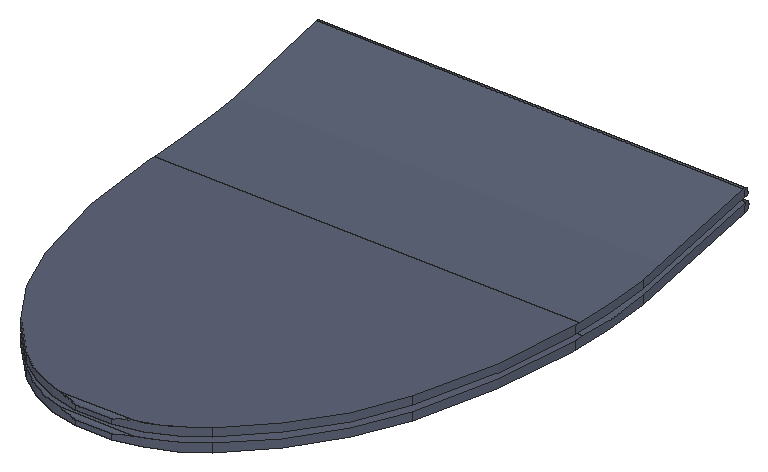
Revit family "Toilet_Seat-Elongated_Closed_Front-KOHLER-Veil-K-77471IN", category Specialty Equipment, host Face, Revit 2022
Family settings
  Host = Face
  Round Connector Dimension = Use Diameter
  Part Type = Normal
  OmniClass Number = 23.31.19.19.17
  Cut with Voids When Loaded = No
  Maintain Annotation Orientation = No
  Shared = No
  Room Calculation Point = No
Parameters (values of type "DGS-Indigo")
  Width = 14 175/256"  # constant formula
  WaterSense Certified = 1 = 0  # no
  URL = "https://www.kohler.co.in/"
  Type = 1
  Product Page URL = ""
  Product Name = "Veil"  # constant formula
  Product Documentation Link = ""
  Model = if(Type = 1, "K-77471IN-DGS", if(Type = 2, "K-77471IN-7", if(Type = 3, "K-77471IN-0", "NA")))  # "K-77471IN-DGS"
  Material = "Plastic"  # constant formula
  Master Format 2014 Name = "Toilet, Bath, and Laundry Accessories"  # constant formula
  Master Format 2014 = "10 28 00"  # constant formula
  Manufacturer Address = "Ambience Office Tower NH-8 Gurgaon / Gurugram Haryana , 122001"  # constant formula
  Manufacturer = "Kohler Co."  # constant formula
  Length = 19 1/4"  # constant formula
  Height = 2 25/256"  # constant formula
  Finish = Kohler-Plastic-DGS-Indigo
  Environmental Product Declaration = ""
  Description = if(Type > 2, "Wall Hung Quite Close UF Seat Indigo", "Wall Hung Quite Close UF Seat Black")  # "Wall Hung Quite Close UF Seat Black"
  Default Elevation = 15"
  Declare Label = ""
  Date Modified = "12/31/2023"  # constant formula
  Date Created = "03/30/2022"  # constant formula
  Copyright = "Copyright Kohler Co."  # constant formula
  Contact Us = "https://www.kohler.co.in/contact-us"
  Assembly Code = "C1030200"
  ADA Compliant = 1 = 0  # no
Types (4): name | Type | Model | Finish | Description
  (no name) | 1 | "K-77471IN-DGS" | Kohler-Plastic-DGS-Indigo | "Wall Hung Quite Close UF Seat Black"
  DGS-Indigo | 1 | "K-77471IN-DGS" | Kohler-Plastic-DGS-Indigo | "Wall Hung Quite Close UF Seat Black"
  7-Black Black | 2 | "K-77471IN-7" | Kohler-Plastic-7-Black_Black | "Wall Hung Quite Close UF Seat Black"
  0-White | 3 | "K-77471IN-0" | Kohler-Plastic-0-White | "Wall Hung Quite Close UF Seat Indigo"
Reference planes (in)
  plane 1 "Center (Front/Back)": y = 0
  plane 2: z = 0
  plane 3 "Center (Left/Right)": x = 0
  plane 4: y = 9.69563
  plane 5: y = 9.55315
  plane 6: y = 9.14764
  plane 7: x = -7.34252
  plane 8: x = 7.34107
  plane 9: y = -9.55437
  plane 10: x = -2.75591
  plane 11: x = 2.75591
  plane 12: z = 2.09766
  plane 13: z = 1.01641
  plane 14: z = -0.13199
  plane 15: z = -0.23047
  plane 16: z = 0.50543
Forms (in)
  Extrusion 1, void
    sketch origin (0, 0, 0) x (1, 0, 0) y (0, 1, 0)
      loop
        arc (3.86833, 3.37837) -> (2.85521, 4.3743) -> (1.58772, 5.01598) r 4.62785
        arc (1.58772, 5.01598) -> (0, 5.26776) -> (-1.58772, 5.01598) r 5.13194
        arc (-1.58772, 5.01598) -> (-2.85521, 4.3743) -> (-3.86833, 3.37837) r 4.62785
        arc (-3.86833, 3.37837) -> (-4.34125, 2.5901) -> (-4.64903, 1.7239) r 4.62785
        arc (-4.64903, 1.7239) -> (-4.84698, -0.69697) -> (-4.27172, -3.05682) r 7.60671
        arc (-4.27172, -3.05682) -> (-3.31185, -4.91737) -> (-2.07846, -6.60905) r 13.63538
        arc (-2.07846, -6.60905) -> (0, -7.56727) -> (2.07846, -6.60905) r 2.73329
        arc (2.07846, -6.60905) -> (3.31185, -4.91737) -> (4.27172, -3.05682) r 13.63538
        arc (4.27172, -3.05682) -> (4.84698, -0.69697) -> (4.64903, 1.7239) r 7.60671
        arc (4.64903, 1.7239) -> (4.34125, 2.5901) -> (3.86833, 3.37837) r 4.62785
    from 0.54255 to -0.31222
Dimensions and locks (in)
  "Width": plane 7 to plane 8
  "Length": plane 9 to plane 4
  "Height": plane 12 to level
  plane 15 to plane 16 = 0.7359"
  plane 15 to plane 12 = 2 21/64"
  aligned and locked: plane 2 to host face
  aligned and locked: level to host face
Automatic sketch dimensions
  host sketch curve to host sketch curve = 96"  (x2)
  Extrusion 1 sketch curve to Extrusion 1 sketch curve = 0"  (x11)
  Extrusion 1 sketch curve to plane 10 = 0.01975"
  plane 3 "Center (Left/Right)" to Extrusion 1 sketch curve = 0.15595"
  plane 1 "Center (Front/Back)" to Extrusion 1 sketch curve = 0.09849"
  Extrusion 1 sketch curve to plane 1 "Center (Front/Back)" = 0.61518"
  Extrusion 1 sketch curve to plane 11 = 1.16819"
  plane 11 to Extrusion 1 sketch curve = 1.11243"
  plane 11 to Extrusion 1 sketch curve = 1.51582"
  Extrusion 1 sketch curve to plane 1 "Center (Front/Back)" = 1.7239"
  plane 7 to Extrusion 1 sketch curve = 0.9477"
  Extrusion 1 sketch curve to plane 11 = 0.67745"
  Extrusion 1 sketch curve to plane 3 "Center (Left/Right)" = 0"
  Extrusion 1 sketch curve to plane 10 = 0.67745"
  plane 8 to Extrusion 1 sketch curve = 0.94914"
  plane 10 to Extrusion 1 sketch curve = 1.51582"
  Extrusion 1 sketch curve to plane 11 = 0.01975"
  plane 10 to Extrusion 1 sketch curve = 1.89313"
  Extrusion 1 sketch curve to plane 3 "Center (Left/Right)" = 0.15595"
  plane 10 to Extrusion 1 sketch curve = 1.11243"
  Extrusion 1 sketch curve to plane 10 = 1.16819"
Nested families (in)
  nested 1: "K-77471IN" at (0, 0.07124, -0.23033), type "K-77471IN"
Definition of nested family "K-77471IN"
  Parameters
    Material = none
    Default Elevation = 0"
  Reference planes (in)
    plane 1 "Center (Front/Back)": y = 0
    plane 2: z = 0
    plane 3 "Center (Left/Right)": x = 0
    plane 4: y = 9.62439
    plane 5: y = -9.62439
    plane 6: y = 9.0764
    plane 7: x = -7.34252
    plane 8: x = 7.34252
    plane 9: z = 0.23033
    plane 10: z = 2.32669
    plane 11: z = 1.24674
    plane 12: z = 0.7359
    plane 13: z = 0.09835
    plane 14: x = -2.75591
    plane 15: x = 2.75591
    plane 16: y = 9.48191
    plane 17: y = -0.07124
    plane 18: z = 0
  Forms (in)
    Extrusion 1, void
      sketch origin (0, 0, 0) x (1, 0, 0) y (0, 1, 0)
        loop
          arc (7.34252, 9.2055) -> (7.21983, 9.5017) -> (6.92363, 9.62439) r 0.41889
          line (6.92363, 9.62439) -> (-6.90945, 9.62439)
          arc (-6.90945, 9.62439) -> (-7.21568, 9.49755) -> (-7.34252, 9.19132) r 0.43307
          line (-7.34252, 9.19132) -> (-7.34252, 4.83106)
          arc (-7.34252, 4.83106) -> (-7.32981, 3.40901) -> (-7.29169, 1.98742) r 79.56116
          arc (-7.29169, 1.98742) -> (-6.98902, -0.92569) -> (-6.29546, -3.77117) r 21.6226
          arc (-6.29546, -3.77117) -> (-5.07616, -6.33322) -> (-3.20768, -8.46854) r 10.36305
          arc (-3.20768, -8.46854) -> (0, -9.66607) -> (3.20768, -8.46854) r 4.89477
          arc (3.20768, -8.46854) -> (5.07616, -6.33322) -> (6.29546, -3.77117) r 10.36305
          arc (6.29546, -3.77117) -> (6.98902, -0.92569) -> (7.29169, 1.98742) r 21.6226
          arc (7.29169, 1.98742) -> (7.32981, 3.40901) -> (7.34252, 4.83106) r 79.56116
          line (7.34252, 4.83106) -> (7.34252, 9.2055)
        loop
          line (-9.20279, -10.78723) -> (9.498, -10.78723) -> (9.498, 10.47261) -> (-9.20279, 10.47261) -> (-9.20279, -10.78723)
      from 0 to 2.4228
    Extrusion 2, solid, material <- "Material", detail levels medium+fine
      sketch origin (0, 0, 0) x (0, 1, 0) y (0, 0, 1)
        loop
          line (9.34837, 2.08351) -> (9.30082, 2.24508)
          arc (9.30082, 2.24508) -> (9.24319, 2.31579) -> (9.15234, 2.32414) r 0.11779
          arc (9.15234, 2.32414) -> (5.69955, 1.51767) -> (2.16418, 1.24674) r 23.20169
          line (2.16418, 1.24674) -> (-9.50256, 1.24674)
          arc (-9.50256, 1.24674) -> (-9.58871, 1.21106) -> (-9.62439, 1.12491) r 0.12183
          line (-9.62439, 1.12491) -> (-9.62439, 0.97131) -> (1.87591, 0.97131)
          arc (1.87591, 0.97131) -> (5.6533, 1.25088) -> (9.34837, 2.08351) r 25.65836
      from -7.84507 to 8.59842
    Extrusion 3, solid, material <- "Material", detail levels medium+fine
      sketch origin (0, 0, 0) x (0, 1, 0) y (0, 0, 1)
        loop
          line (9.47846, 1.64174) -> (9.44035, 1.77122)
          arc (9.44035, 1.77122) -> (9.38272, 1.84193) -> (9.29187, 1.85028) r 0.11779
          arc (9.29187, 1.85028) -> (5.83908, 1.04381) -> (2.30371, 0.77288) r 23.20169
          line (2.30371, 0.77288) -> (-9.50256, 0.77288)
          arc (-9.50256, 0.77288) -> (-9.58871, 0.7372) -> (-9.62439, 0.65105) r 0.12183
          line (-9.62439, 0.65105) -> (-9.62439, 0.48955) -> (1.87591, 0.48955)
          arc (1.87591, 0.48955) -> (5.72059, 0.77923) -> (9.47846, 1.64174) r 25.65836
      from -8.01721 to 8.55963
    Extrusion 4, solid, material <- "Material", detail levels medium+fine
      sketch origin (0, 0, 0) x (0, 1, 0) y (0, 0, 1)
        loop
          line (9.56799, 1.33755) -> (9.34436, 2.09739) -> (8.25917, 1.778)
          arc (8.25917, 1.778) -> (8.45134, 1.74083) -> (8.54429, 1.56858) r 0.22857
          line (8.54429, 1.56858) -> (8.56845, 1.1077)
          arc (8.56845, 1.1077) -> (9.19024, 0.69184) -> (9.56799, 1.33755) r 0.51372
      from 3.75816 to 4.31832
    Extrusion 5, solid, material <- "Material", detail levels medium+fine
      sketch origin (11.16142, 0, 0) x (0, 1, 0) y (0, 0, 1)
        loop
          line (9.56799, 1.33755) -> (9.45245, 1.73009) -> (8.54975, 1.46441) -> (8.56845, 1.1077)
          arc (8.56845, 1.1077) -> (9.19024, 0.69184) -> (9.56799, 1.33755) r 0.51372
      from -6.79445 to -6.35745
    Extrusion 6, solid, material <- "Material", detail levels medium+fine
      sketch origin (0, 0, 0) x (0, 1, 0) y (0, 0, -1)
        loop
          arc (9.56799, -1.33755) -> (9.19024, -0.69184) -> (8.56845, -1.1077) r 0.51372
          line (8.56845, -1.1077) -> (8.54429, -1.56858)
          arc (8.54429, -1.56858) -> (8.45134, -1.74083) -> (8.25917, -1.778) r 0.22857
          line (8.25917, -1.778) -> (9.34436, -2.09739) -> (9.56799, -1.33755)
      from 3.75816 to 4.31832
    Extrusion 7, solid, material <- "Material", detail levels medium+fine
      sketch origin (-11.16142, 0, 0) x (0, 1, 0) y (0, 0, -1)
        loop
          arc (9.56799, -1.33755) -> (9.19024, -0.69184) -> (8.56845, -1.1077) r 0.51372
          line (8.56845, -1.1077) -> (8.54975, -1.46441) -> (9.45245, -1.73009) -> (9.56799, -1.33755)
      from -6.79445 to -6.35745
    Extrusion 8, solid, material <- "Material", detail levels medium+fine
      sketch origin (0, 0, 0) x (0, 1, 0) y (0, 0, 1)
        loop
          line (9.62439, 0.23033) -> (9.60901, 0.52389)
          arc (9.60901, 0.52389) -> (9.602, 0.53909) -> (9.58533, 0.54532) r 0.02258
          arc (9.58533, 0.54532) -> (9.6007, 0.5525) -> (9.60664, 0.56838) r 0.02243
          line (9.60664, 0.56838) -> (9.58722, 1.23318)
          arc (9.58722, 1.23318) -> (9.06116, 1.70602) -> (8.56156, 1.20531) r 0.51372
          line (8.56156, 1.20531) -> (8.54563, 0.56695)
          arc (8.54563, 0.56695) -> (8.55163, 0.55167) -> (8.56703, 0.54529) r 0.02113
          arc (8.56703, 0.54529) -> (8.55094, 0.5387) -> (8.54372, 0.52289) r 0.02364
          line (8.54372, 0.52289) -> (8.54077, 0.46655)
          arc (8.54077, 0.46655) -> (8.52317, 0.37777) -> (8.48119, 0.29758) r 0.31689
          arc (8.48119, 0.29758) -> (8.47187, 0.28196) -> (8.46541, 0.26496) r 0.10406
          line (8.46541, 0.26496) -> (8.46541, 0.23033) -> (9.62439, 0.23033)
      from -3.74016 to 3.74016
    Extrusion 9, solid, material <- "Material", detail levels medium+fine
      sketch origin (0, 0, 0) x (0, 1, 0) y (0, 0, 1)
        loop
          circle (9.07512, 1.19249) r 0.3937
      from -4.55018 to 4.60655
    Extrusion 10, void
      sketch origin (0, 0, 0) x (1, 0, 0) y (0, 1, 0)
        loop
          line (4.36696, 10.22767) -> (-4.36696, 10.22767) -> (-4.36696, 8.25917) -> (4.36696, 8.25917) -> (4.36696, 10.22767)
      from 0.97131 to 1.88271
    Extrusion 11, solid, material <- "Material", detail levels medium+fine
      sketch origin (0, 0, 0) x (1, 0, 0) y (0, 1, 0)
        loop
          arc (-4.71835, -4.29091) -> (-5.03577, -4.30047) -> (-5.18352, -4.58158) r 0.31496
          arc (-5.18352, -4.58158) -> (-4.97792, -5.19639) -> (-4.4786, -5.60983) r 1.18013
          arc (-4.4786, -5.60983) -> (-4.22893, -5.59168) -> (-4.10317, -5.37524) r 0.268
          arc (-4.10317, -5.37524) -> (-4.25589, -4.74521) -> (-4.71835, -4.29091) r 1.18013
        loop
          arc (-6.60438, 3.38842) -> (-6.78308, 2.75694) -> (-6.60438, 2.12546) r 1.20507
          arc (-6.60438, 2.12546) -> (-6.30259, 1.9568) -> (-6.00081, 2.12546) r 0.35433
          arc (-6.00081, 2.12546) -> (-5.8221, 2.75694) -> (-6.00081, 3.38842) r 1.20507
          arc (-6.00081, 3.38842) -> (-6.30259, 3.55708) -> (-6.60438, 3.38842) r 0.35433
        loop
          arc (4.71835, -4.29091) -> (4.25589, -4.74521) -> (4.10317, -5.37524) r 1.18013
          arc (4.10317, -5.37524) -> (4.22893, -5.59168) -> (4.4786, -5.60983) r 0.268
          arc (4.4786, -5.60983) -> (4.97792, -5.19639) -> (5.18352, -4.58158) r 1.18013
          arc (5.18352, -4.58158) -> (5.03577, -4.30047) -> (4.71835, -4.29091) r 0.31496
        loop
          arc (6.60438, 3.38842) -> (6.30259, 3.55708) -> (6.00081, 3.38842) r 0.35433
          arc (6.00081, 3.38842) -> (5.8221, 2.75694) -> (6.00081, 2.12546) r 1.20507
          arc (6.00081, 2.12546) -> (6.30259, 1.9568) -> (6.60438, 2.12546) r 0.35433
          arc (6.60438, 2.12546) -> (6.78308, 2.75694) -> (6.60438, 3.38842) r 1.20507
      from 0.23033 to 1.06574
    Extrusion 12, void
      sketch origin (0, 0, 0) x (1, 0, 0) y (0, 1, 0)
        loop
          arc (-3.46724, 3.00859) -> (-3.88906, 2.30548) -> (-4.16359, 1.53287) r 4.12785
          arc (-4.16359, 1.53287) -> (-4.34853, -0.72887) -> (-3.81109, -2.9336) r 7.10671
          arc (-3.81109, -2.9336) -> (-2.88641, -4.72593) -> (-1.69824, -6.35558) r 13.13538
          arc (-1.69824, -6.35558) -> (0, -7.13851) -> (1.69824, -6.35558) r 2.23329
          arc (1.69824, -6.35558) -> (2.88641, -4.72593) -> (3.81109, -2.9336) r 13.13538
          arc (3.81109, -2.9336) -> (4.34853, -0.72887) -> (4.16359, 1.53287) r 7.10671
          arc (4.16359, 1.53287) -> (3.88906, 2.30548) -> (3.46724, 3.00859) r 4.12785
          arc (3.46724, 3.00859) -> (2.56358, 3.89692) -> (1.43303, 4.46927) r 4.12785
          arc (1.43303, 4.46927) -> (0, 4.69652) -> (-1.43303, 4.46927) r 4.63194
          arc (-1.43303, 4.46927) -> (-2.56358, 3.89692) -> (-3.46724, 3.00859) r 4.12785
      from -0.78466 to 0.9766
    Extrusion 13, solid, material <- "Material", detail levels coarse
      sketch origin (0, 0, 0) x (1, 0, 0) y (0, 1, 0)
        loop
          line (-7.34252, 9.62439) -> (-7.34252, -2.39373)
          arc (-7.34252, -2.39373) -> (0, -9.73625) -> (7.34252, -2.39373) r 7.34252
          line (7.34252, -2.39373) -> (7.34252, 9.62439) -> (-7.34252, 9.62439)
      from 0.05692 to 2.54339
    Extrusion 14, void
      sketch origin (0, 0, 0) x (0, 1, 0) y (0, 0, 1)
        loop
          line (1.87591, 0.97131) -> (-10.01809, 0.97131) -> (-10.01809, 0.77288) -> (2.30371, 0.77288)
          arc (2.30371, 0.77288) -> (5.3067, 0.96804) -> (8.25917, 1.55023) r 23.20169
          line (8.25917, 1.55023) -> (8.25917, 1.778)
          arc (8.25917, 1.778) -> (5.09292, 1.17378) -> (1.87591, 0.97131) r 25.65836
        loop
          line (8.56533, 1.3564) -> (6.30468, 0.6529)
          arc (6.30468, 0.6529) -> (5.74466, 0.52398) -> (5.17162, 0.48068) r 3.81324
          line (5.17162, 0.48068) -> (-10.21494, 0.48068) -> (-10.21494, -0.16337) -> (9.83397, -0.16337) -> (9.83397, 0.23033) -> (8.53723, 0.23033) -> (8.56533, 1.3564)
        loop
          line (-10.01809, 3.21524) -> (-10.01809, 1.24674) -> (2.16418, 1.24674)
          arc (2.16418, 1.24674) -> (6.15041, 1.59174) -> (10.01809, 2.61647) r 23.20169
          line (10.01809, 2.61647) -> (10.01809, 3.21524) -> (-10.01809, 3.21524)
      from -8.12795 to 8.35902
    Sweep 15, solid, material <- "Material", detail levels medium+fine
      path origin (0, 0, 0) x (1, 0, 0) y (0, 1, 0)
        loop
          arc (-1.818, -6.45785) -> (0, -7.29599) -> (1.818, -6.45785) r 2.39077
          arc (1.818, -6.45785) -> (3.0204, -4.80867) -> (3.95617, -2.99485) r 13.29286
          arc (3.95617, -2.99485) -> (4.50552, -0.74126) -> (4.31649, 1.5706) r 7.26419
          arc (4.31649, 1.5706) -> (4.03149, 2.37269) -> (3.59357, 3.10262) r 4.28533
          arc (3.59357, 3.10262) -> (2.65543, 4.02484) -> (1.48175, 4.61902) r 4.28533
          arc (1.48175, 4.61902) -> (0, 4.854) -> (-1.48175, 4.61902) r 4.78942
          arc (-1.48175, 4.61902) -> (-2.65543, 4.02484) -> (-3.59357, 3.10262) r 4.28533
          arc (-3.59357, 3.10262) -> (-4.03149, 2.37269) -> (-4.31649, 1.5706) r 4.28533
          arc (-4.31649, 1.5706) -> (-4.50552, -0.74126) -> (-3.95617, -2.99485) r 7.26419
          arc (-3.95617, -2.99485) -> (-3.0204, -4.80867) -> (-1.818, -6.45785) r 13.29286
      profile origin (0, -7.29599, 0) x (0, 1, 0) y (0, 0, 1)
        loop
          line (0.15289, 0) -> (0.15289, 0.92179) -> (-1.39128, 0.92179)
          arc (-1.39128, 0.92179) -> (-0.62892, 0.61979) -> (-0.03629, 0.05306) r 2.13831
          arc (-0.03629, 0.05306) -> (0.00846, 0.01405) -> (0.06614, 0) r 0.12539
          line (0.06614, 0) -> (0.15289, 0)
    Extrusion 16, void
      sketch origin (0, 0, 0) x (0, 1, 0) y (0, 0, 1)
        loop
          arc (1.87591, 0.56829) -> (4.35434, 0.68865) -> (6.80945, 1.04857) r 25.57962
          line (6.80945, 1.04857) -> (-8.75825, 1.04857) -> (-8.75825, 0.56829) -> (1.87591, 0.56829)
      from -9.39127 to 9.84252
    Extrusion 17, solid, material <- "Material", detail levels coarse
      sketch origin (0, 0, 0) x (1, 0, 0) y (0, 1, 0)
        loop
          arc (-1.69824, -6.35558) -> (0, -7.13851) -> (1.69824, -6.35558) r 2.23329
          arc (1.69824, -6.35558) -> (2.88641, -4.72593) -> (3.81109, -2.9336) r 13.13538
          arc (3.81109, -2.9336) -> (4.34853, -0.72887) -> (4.16359, 1.53287) r 7.10671
          arc (4.16359, 1.53287) -> (3.88906, 2.30548) -> (3.46724, 3.00859) r 4.12785
          arc (3.46724, 3.00859) -> (2.56358, 3.89692) -> (1.43303, 4.46927) r 4.12785
          arc (1.43303, 4.46927) -> (0, 4.69652) -> (-1.43303, 4.46927) r 4.63194
          arc (-1.43303, 4.46927) -> (-2.56358, 3.89692) -> (-3.46724, 3.00859) r 4.12785
          arc (-3.46724, 3.00859) -> (-3.88906, 2.30548) -> (-4.16359, 1.53287) r 4.12785
          arc (-4.16359, 1.53287) -> (-4.34853, -0.72887) -> (-3.81109, -2.9336) r 7.10671
          arc (-3.81109, -2.9336) -> (-2.88641, -4.72593) -> (-1.69824, -6.35558) r 13.13538
        loop
          arc (-3.62973, -2.85705) -> (-2.71891, -4.62251) -> (-1.54855, -6.22774) r 12.93853
          arc (-1.54855, -6.22774) -> (0, -6.94166) -> (1.54855, -6.22774) r 2.03643
          arc (1.54855, -6.22774) -> (2.71891, -4.62251) -> (3.62973, -2.85705) r 12.93853
          arc (3.62973, -2.85705) -> (4.15229, -0.71338) -> (3.97247, 1.48571) r 6.90986
          arc (3.97247, 1.48571) -> (3.71104, 2.22148) -> (3.30933, 2.89105) r 3.931
          arc (3.30933, 2.89105) -> (2.44877, 3.73702) -> (1.37213, 4.28207) r 3.931
          arc (1.37213, 4.28207) -> (0, 4.49967) -> (-1.37213, 4.28207) r 4.43509
          arc (-1.37213, 4.28207) -> (-2.44877, 3.73702) -> (-3.30933, 2.89105) r 3.931
          arc (-3.30933, 2.89105) -> (-3.71104, 2.22148) -> (-3.97247, 1.48571) r 3.931
          arc (-3.97247, 1.48571) -> (-4.15229, -0.71338) -> (-3.62973, -2.85705) r 6.90986
      from 0 to 0.48955
  Cuts and joins
    Extrusion 1 cuts Extrusion 2
    Extrusion 1, Extrusion 10, Extrusion 12 cuts Extrusion 3
    joined: Extrusion 2, Extrusion 3, Extrusion 4, Extrusion 5, Extrusion 6, Extrusion 7, Extrusion 8, Extrusion 9
    Extrusion 14 cuts Extrusion 13
    Extrusion 16 cuts Sweep 15
  Lines and regions (in)
    Masking region 1
      outline origin (0, 0, 0) x (1, 0, 0) y (0, 1, 0)
        loop
          arc (-6.29546, -3.77117) -> (-5.07616, -6.33322) -> (-3.20768, -8.46854) r 10.36305
          arc (-3.20768, -8.46854) -> (-1.70479, -9.32661) -> (0, -9.62439) r 5.02885
          arc (0, -9.62439) -> (1.70479, -9.32661) -> (3.20768, -8.46854) r 5.02885
          arc (3.20768, -8.46854) -> (5.07616, -6.33322) -> (6.29546, -3.77117) r 10.36305
          arc (6.29546, -3.77117) -> (6.98902, -0.92569) -> (7.29169, 1.98742) r 21.6226
          arc (7.29169, 1.98742) -> (7.32981, 3.40901) -> (7.34252, 4.83106) r 79.56116
          line (7.34252, 4.83106) -> (7.34252, 9.2055)
          arc (7.34252, 9.2055) -> (7.31562, 9.35319) -> (7.23838, 9.48191) r 0.41889
          line (7.23838, 9.48191) -> (4.80396, 9.48191) -> (4.80396, 9.58883) -> (4.36696, 9.58883) -> (4.36696, 9.47846) -> (4.31832, 9.47846) -> (4.31832, 9.58883) -> (3.75816, 9.58883) -> (3.75816, 9.47846) -> (3.74016, 9.50964) -> (3.74016, 9.62439) -> (0, 9.62439) -> (-3.74016, 9.62439) -> (-3.74016, 9.50964) -> (-3.75816, 9.47846) -> (-3.75816, 9.58883) -> (-4.31832, 9.58883) -> (-4.31832, 9.47846) -> (-4.36696, 9.47846) -> (-4.36696, 9.58883) -> (-4.80396, 9.58883) -> (-4.80396, 9.48191) -> (-7.23838, 9.48191)
          arc (-7.23838, 9.48191) -> (-7.31562, 9.35319) -> (-7.34252, 9.2055) r 0.41889
          line (-7.34252, 9.2055) -> (-7.34252, 4.83106)
          arc (-7.34252, 4.83106) -> (-7.32981, 3.40901) -> (-7.29169, 1.98742) r 79.56116
          arc (-7.29169, 1.98742) -> (-6.98902, -0.92569) -> (-6.29546, -3.77117) r 21.6226
    Masking region 2
      outline origin (0, 0, 0) x (1, 0, 0) y (0, 0, 1)
        loop
          line (0, 0) -> (4.39112, 0)
          arc (4.39112, 0) -> (4.46502, 0.00973) -> (4.53389, 0.03826) r 0.28556
          line (4.53389, 0.03826) -> (4.86658, 0.23033) -> (4.97903, 0.23033)
          arc (4.97903, 0.23033) -> (5.01045, 0.24321) -> (5.0238, 0.27442) r 0.04477
          arc (5.0238, 0.27442) -> (5.02947, 0.29139) -> (5.04387, 0.30198) r 0.02958
          arc (5.04387, 0.30198) -> (5.12038, 0.3256) -> (5.19808, 0.34498) r 1.45734
          arc (5.19808, 0.34498) -> (5.5578, 0.40772) -> (5.92166, 0.43836) r 4.11951
          arc (5.92166, 0.43836) -> (5.96092, 0.42496) -> (5.99647, 0.40358) r 0.19538
          arc (5.99647, 0.40358) -> (6.00968, 0.39483) -> (6.02389, 0.38781) r 0.12568
          line (6.02389, 0.38781) -> (6.02389, 0.32516)
          arc (6.02389, 0.32516) -> (6.03436, 0.29987) -> (6.05965, 0.28939) r 0.03577
          line (6.05965, 0.28939) -> (6.55806, 0.28939)
          arc (6.55806, 0.28939) -> (6.58336, 0.29987) -> (6.59383, 0.32516) r 0.03577
          line (6.59383, 0.32516) -> (6.59383, 0.38781)
          arc (6.59383, 0.38781) -> (6.61108, 0.40153) -> (6.62525, 0.4184) r 0.10999
          arc (6.62525, 0.4184) -> (6.66388, 0.45911) -> (6.7134, 0.48551) r 0.17505
          line (6.7134, 0.48551) -> (7.2821, 0.48551)
          arc (7.2821, 0.48551) -> (7.30672, 0.4942) -> (7.32044, 0.51641) r 0.03923
          arc (7.32044, 0.51641) -> (7.33698, 0.61861) -> (7.34252, 0.722) r 0.9681
          line (7.34252, 0.722) -> (7.34252, 2.10566)
          arc (7.34252, 2.10566) -> (7.31305, 2.2025) -> (7.23462, 2.2665) r 0.17384
          arc (7.23462, 2.2665) -> (7.08481, 2.3115) -> (6.92912, 2.32669) r 0.8054
          line (6.92912, 2.32669) -> (0, 2.32669) -> (-6.92912, 2.32669)
          arc (-6.92912, 2.32669) -> (-7.08481, 2.3115) -> (-7.23462, 2.2665) r 0.8054
          arc (-7.23462, 2.2665) -> (-7.31305, 2.2025) -> (-7.34252, 2.10566) r 0.17384
          line (-7.34252, 2.10566) -> (-7.34252, 0.722)
          arc (-7.34252, 0.722) -> (-7.33698, 0.61861) -> (-7.32044, 0.51641) r 0.9681
          arc (-7.32044, 0.51641) -> (-7.30672, 0.4942) -> (-7.2821, 0.48551) r 0.03923
          line (-7.2821, 0.48551) -> (-6.7134, 0.48551)
          arc (-6.7134, 0.48551) -> (-6.66388, 0.45911) -> (-6.62525, 0.4184) r 0.17505
          arc (-6.62525, 0.4184) -> (-6.61108, 0.40153) -> (-6.59383, 0.38781) r 0.10999
          line (-6.59383, 0.38781) -> (-6.59383, 0.32516)
          arc (-6.59383, 0.32516) -> (-6.58336, 0.29987) -> (-6.55806, 0.28939) r 0.03577
          line (-6.55806, 0.28939) -> (-6.05965, 0.28939)
          arc (-6.05965, 0.28939) -> (-6.03436, 0.29987) -> (-6.02389, 0.32516) r 0.03577
          line (-6.02389, 0.32516) -> (-6.02389, 0.38781)
          arc (-6.02389, 0.38781) -> (-6.00968, 0.39483) -> (-5.99647, 0.40358) r 0.12568
          arc (-5.99647, 0.40358) -> (-5.96092, 0.42496) -> (-5.92166, 0.43836) r 0.19538
          arc (-5.92166, 0.43836) -> (-5.5578, 0.40772) -> (-5.19808, 0.34498) r 4.11951
          arc (-5.19808, 0.34498) -> (-5.12038, 0.3256) -> (-5.04387, 0.30198) r 1.45734
          arc (-5.04387, 0.30198) -> (-5.02947, 0.29139) -> (-5.0238, 0.27442) r 0.02958
          arc (-5.0238, 0.27442) -> (-5.01045, 0.24321) -> (-4.97903, 0.23033) r 0.04477
          line (-4.97903, 0.23033) -> (-4.86658, 0.23033) -> (-4.53389, 0.03826)
          arc (-4.53389, 0.03826) -> (-4.46502, 0.00973) -> (-4.39112, 0) r 0.28556
          line (-4.39112, 0) -> (0, 0)
    Masking region 3
      outline origin (0, 0, 0) x (0, 1, 0) y (0, 0, 1)
        loop
          arc (9.5873, 0.54548) -> (9.60553, 0.55514) -> (9.61237, 0.57461) r 0.02832
          line (9.61237, 0.57461) -> (9.59105, 1.18502)
          arc (9.59105, 1.18502) -> (9.58294, 1.26789) -> (9.56453, 1.34909) r 0.66467
          line (9.56453, 1.34909) -> (9.30217, 2.24262)
          arc (9.30217, 2.24262) -> (9.24557, 2.31284) -> (9.1559, 2.32246) r 0.11782
          line (9.1559, 2.32246) -> (8.8166, 2.22273)
          arc (8.8166, 2.22273) -> (5.63685, 1.49213) -> (2.38348, 1.24674) r 21.68949
          line (2.38348, 1.24674) -> (-9.50766, 1.24674)
          arc (-9.50766, 1.24674) -> (-9.5902, 1.21255) -> (-9.62439, 1.13001) r 0.11673
          line (-9.62439, 1.13001) -> (-9.62439, 0.9739) -> (-5.74425, 0.9739)
          arc (-5.74425, 0.9739) -> (-5.62987, 0.9426) -> (-5.54265, 0.86225) r 0.25085
          arc (-5.54265, 0.86225) -> (-5.52683, 0.83944) -> (-5.51018, 0.81724) r 0.74949
          line (-5.51018, 0.81724) -> (-5.51018, 0.7359) -> (-9.49335, 0.7359)
          arc (-9.49335, 0.7359) -> (-9.58601, 0.69752) -> (-9.62439, 0.60486) r 0.13104
          line (-9.62439, 0.60486) -> (-9.62439, 0.48068) -> (-8.68638, 0.48068)
          arc (-8.68638, 0.48068) -> (-7.96122, 0.36676) -> (-7.30592, 0.03597) r 2.36499
          arc (-7.30592, 0.03597) -> (-7.25222, 0.00899) -> (-7.1928, 0) r 0.19135
          line (-7.1928, 0) -> (3.83051, 0.08212)
          arc (3.83051, 0.08212) -> (4.31666, 0.09429) -> (4.80294, 0.09835) r 29.14325
          arc (4.80294, 0.09835) -> (4.9242, 0.11749) -> (5.03368, 0.17305) r 0.3937
          arc (5.03368, 0.17305) -> (5.16633, 0.25617) -> (5.30882, 0.32101) r 1.17968
          arc (5.30882, 0.32101) -> (5.64429, 0.44189) -> (5.98318, 0.55285) r 12.10829
          line (5.98318, 0.55285) -> (8.48163, 1.33035)
          arc (8.48163, 1.33035) -> (8.54315, 1.31946) -> (8.56988, 1.26299) r 0.06806
          line (8.56988, 1.26299) -> (8.54552, 0.56555)
          arc (8.54552, 0.56555) -> (8.551, 0.55127) -> (8.56678, 0.5452) r 0.01957
          arc (8.56678, 0.5452) -> (8.55073, 0.53755) -> (8.54363, 0.52124) r 0.02538
          line (8.54363, 0.52124) -> (8.54077, 0.46655)
          arc (8.54077, 0.46655) -> (8.52363, 0.37552) -> (8.47869, 0.29452) r 0.29026
          arc (8.47869, 0.29452) -> (8.46887, 0.28066) -> (8.46541, 0.26403) r 0.04164
          line (8.46541, 0.26403) -> (8.46541, 0.23033) -> (9.62439, 0.23033) -> (9.61421, 0.52202)
          arc (9.61421, 0.52202) -> (9.60685, 0.53852) -> (9.5901, 0.54529) r 0.02412
        loop
          arc (3.36089, 0.75793) -> (5.9705, 1.03457) -> (8.52759, 1.62434) r 21.68949
          arc (8.52759, 1.62434) -> (8.41788, 1.77312) -> (8.23452, 1.79665) r 0.23518
          arc (8.23452, 1.79665) -> (5.90558, 1.27277) -> (3.53318, 1.008) r 21.68949
          arc (3.53318, 1.008) -> (3.46162, 0.97066) -> (3.40906, 0.9094) r 0.21336
          arc (3.40906, 0.9094) -> (3.39585, 0.89691) -> (3.37792, 0.89386) r 0.03131
          arc (3.37792, 0.89386) -> (3.36292, 0.88911) -> (3.35681, 0.8746) r 0.01876
          line (3.35681, 0.8746) -> (3.36089, 0.75793)
        loop
          arc (2.15078, 0.83514) -> (2.14468, 0.84965) -> (2.12967, 0.8544) r 0.01876
          arc (2.12967, 0.8544) -> (2.11174, 0.85745) -> (2.09853, 0.86994) r 0.03131
          arc (2.09853, 0.86994) -> (2.03686, 0.93804) -> (1.95226, 0.9739) r 0.21336
          line (1.95226, 0.9739) -> (-4.20118, 0.9739)
          arc (-4.20118, 0.9739) -> (-4.32022, 0.93559) -> (-4.40489, 0.84356) r 0.24521
          arc (-4.40489, 0.84356) -> (-4.41531, 0.82815) -> (-4.42881, 0.81535) r 0.08577
          line (-4.42881, 0.81535) -> (-4.42881, 0.7359) -> (2.14731, 0.7359) -> (2.15078, 0.83514)
    symbolic lines, detail levels medium+fine
      curve 1: line (0, 9.5873, 0.54548) -> (0, 8.56239, 0.54548)
      curve 2: arc (0, 9.59105, 1.18502) -> (0, 9.05702, 0.71848) -> (0, 8.56882, 1.2328) r 0.51211
      curve 3: line (0, 8.44984, 1.32102) -> (0, 9.48364, 1.62457)
      curve 4: line (0, 8.52759, 1.62434) -> (0, 9.2831, 1.84618)
      curve 5: arc (0, 9.2831, 1.84618) -> (0, 9.36613, 1.84462) -> (0, 9.43335, 1.79585) r 0.13854
      curve 6: line (0, 8.23452, 1.79665) -> (0, 9.33798, 2.12065)
      curve 7: arc (0, 3.53318, 1.008) -> (0, 2.71753, 0.98851) -> (0, 1.90178, 0.9739) r 136.11974
      curve 8: line (0, 2.14731, 0.7359) -> (0, 3.36089, 0.75793)
      curve 9: line (0, 3.30966, 0.28939) -> (0, 2.18368, 0.28939)
      curve 10: arc (0, 2.18368, 0.28939) -> (0, 2.14052, 0.3058) -> (0, 2.11916, 0.34673) r 0.06496
      curve 11: arc (0, 2.11916, 0.34673) -> (0, 2.10606, 0.415) -> (0, 2.0833, 0.48068) r 0.48312
      curve 12: arc (0, 3.34925, 0.31704) -> (0, 3.33381, 0.29699) -> (0, 3.30966, 0.28939) r 0.04217
      curve 13: line (0, -8.68638, 0.48068) -> (0, -4.55224, 0.48068)
      curve 14: arc (0, 3.21828, 0.48068) -> (0, 3.31797, 0.48097) -> (0, 3.41765, 0.48184) r 17.12065
      curve 15: arc (0, 3.41765, 0.48184) -> (0, 5.47379, 0.6299) -> (0, 7.49724, 1.02402) r 17.12065
      curve 16: arc (0, 3.41765, 0.48184) -> (0, 3.38172, 0.40015) -> (0, 3.34925, 0.31704) r 2.13099
      curve 17: line (0, 2.0833, 0.48068) -> (0, 3.21828, 0.48068)
      curve 18: line (0, -4.43399, 0.28939) -> (0, -5.55997, 0.28939)
      curve 19: arc (0, -5.55997, 0.28939) -> (0, -5.60313, 0.3058) -> (0, -5.62449, 0.34673) r 0.06496
      curve 20: arc (0, -5.62449, 0.34673) -> (0, -5.63759, 0.415) -> (0, -5.66036, 0.48068) r 0.48312
      curve 21: arc (0, -4.3944, 0.31704) -> (0, -4.40985, 0.29699) -> (0, -4.43399, 0.28939) r 0.04217
      curve 22: arc (0, -4.32654, 0.48068) -> (0, -4.36217, 0.39956) -> (0, -4.3944, 0.31704) r 2.13099
      curve 23: line (0, -4.55224, 0.48068) -> (0, 2.0833, 0.48068)
      curve 24: line (0, 0, 1.24674) -> (7.00464, 0, 1.24674)
      curve 25: line (7.08661, 0, 0.96559) -> (0, 0, 0.96559)
      curve 26: line (7.13819, 0, 0.73725) -> (0, 0, 0.73725)
      curve 27: line (6.7124, 0, 0.48845) -> (0, 0, 0.48845)
      curve 28: arc (7.34252, 0, 0.83341) -> (7.2511, 0, 0.76249) -> (7.13819, 0, 0.73725) r 0.26518
      curve 29: arc (7.34252, 0, 1.24674) -> (7.2767, 0, 1.04961) -> (7.08661, 0, 0.96559) r 0.25704
      curve 30: arc (7.00464, 0, 1.24674) -> (7.23611, 0, 1.33821) -> (7.34252, 0, 1.56319) r 0.3386
      curve 31: line (6.02389, 0, 0.38781) -> (6.59383, 0, 0.38781)
      curve 32: line (5.92166, 0, 0.43836) -> (6.7124, 0, 0.48845)
      curve 33: line (6.07843, 0, 0.7811) -> (6.59383, 0, 0.7811)
      curve 34: arc (6.02389, 0, 0.83477) -> (6.04017, 0, 0.79677) -> (6.07843, 0, 0.7811) r 0.05455
      curve 35: arc (5.91058, 0, 0.96559) -> (5.99102, 0, 0.92078) -> (6.02389, 0, 0.83477) r 0.13473
      curve 36: arc (6.59383, 0, 0.7811) -> (6.64719, 0, 0.8032) -> (6.66929, 0, 0.85656) r 0.07546
      curve 37: arc (6.66929, 0, 0.85656) -> (6.69085, 0, 0.92364) -> (6.74745, 0, 0.96559) r 0.11513
      curve 38: arc (4.44908, 0, 0.79091) -> (4.46537, 0, 0.75291) -> (4.50363, 0, 0.73725) r 0.05455
      curve 39: arc (5.01903, 0, 0.73725) -> (5.07239, 0, 0.75935) -> (5.09449, 0, 0.8127) r 0.07546
      curve 40: arc (5.09449, 0, 0.8127) -> (5.13199, 0, 0.91364) -> (5.2263, 0, 0.96559) r 0.15458
      curve 41: arc (4.32414, 0, 0.96559) -> (4.41385, 0, 0.89774) -> (4.44908, 0, 0.79091) r 0.1889
      curve 42: line (4.44706, 0, 0.81558) -> (5.09368, 0, 0.81558)
      curve 43: line (4.86658, 0, 0.23033) -> (4.47288, 0, 0.23033)
      curve 44: arc (4.47288, 0, 0.23033) -> (4.41865, 0, 0.25017) -> (4.39003, 0, 0.30032) r 0.08404
      curve 45: arc (4.39003, 0, 0.30032) -> (4.33549, 0, 0.4167) -> (4.22885, 0, 0.48845) r 0.24078
      curve 46: arc (5.10403, 0, 0.38903) -> (5.15154, 0, 0.45549) -> (5.2263, 0, 0.48845) r 0.15458
      curve 47: arc (5.04387, 0, 0.30198) -> (5.07945, 0, 0.34171) -> (5.10403, 0, 0.38903) r 0.21266
      curve 48: line (4.38341, 0, 0.32876) -> (5.06976, 0, 0.32876)
      curve 49: line (6.02389, 0, 0.83477) -> (6.65867, 0, 0.83477)
      curve 50: line (0, -4.20118, 0.9739) -> (0, -5.74425, 0.9739)
      curve 51: line (0, -4.42881, 0.81535) -> (0, -5.5087, 0.81535)
      curve 52: line (0, -4.36217, 0.39956) -> (0, -5.63373, 0.39956)
      curve 53: line (0, 3.38172, 0.40015) -> (0, 2.10978, 0.40015)
      curve 54: line (0, 3.37792, 0.89386) -> (0, 2.12672, 0.85417)
      curve 55: line (-7.07422, 9.34837, 0) -> (-4.31832, 9.34837, 0)
      curve 56: arc (-7.34252, 9.15234, 0) -> (-7.24036, 9.29414, 0) -> (-7.07422, 9.34837, 0) r 0.28161
      curve 57: line (-3.74016, 9.50964, 0) -> (-3.74016, 9.34837, 0)
      curve 58: line (-3.75816, 9.47846, 0) -> (-3.75816, 9.34837, 0)
      curve 59: line (-4.36696, 9.47846, 0) -> (-4.36696, 9.34837, 0)
      curve 60: line (-4.31832, 9.47846, 0) -> (-4.31832, 9.34837, 0)
      curve 61: line (-4.80396, 9.48191, 0) -> (-4.80396, 9.34837, 0)
      curve 62: line (-4.31832, 9.34837, 0) -> (-3.74016, 9.34837, 0)
      curve 63: line (7.07422, 9.34837, 0) -> (4.31832, 9.34837, 0)
      curve 64: arc (7.34252, 9.15234, 0) -> (7.24036, 9.29414, 0) -> (7.07422, 9.34837, 0) r 0.28161
      curve 65: line (3.74016, 9.50964, 0) -> (3.74016, 9.34837, 0)
      curve 66: line (3.75816, 9.47846, 0) -> (3.75816, 9.34837, 0)
      curve 67: line (4.36696, 9.47846, 0) -> (4.36696, 9.34837, 0)
      curve 68: line (4.31832, 9.47846, 0) -> (4.31832, 9.34837, 0)
      curve 69: line (4.80396, 9.48191, 0) -> (4.80396, 9.34837, 0)
      curve 70: line (4.31832, 9.34837, 0) -> (3.74016, 9.34837, 0)
      curve 71: line (-3.74016, 9.34837, 0) -> (3.74016, 9.34837, 0)
      curve 72: line (0, 0, 1.24674) -> (-7.00464, 0, 1.24674)
      curve 73: line (-7.08661, 0, 0.96559) -> (0, 0, 0.96559)
      curve 74: line (-7.13819, 0, 0.73725) -> (0, 0, 0.73725)
      curve 75: line (-6.7124, 0, 0.48845) -> (0, 0, 0.48845)
      curve 76: arc (-7.34252, 0, 0.83341) -> (-7.2511, 0, 0.76249) -> (-7.13819, 0, 0.73725) r 0.26518
      curve 77: arc (-7.34252, 0, 1.24674) -> (-7.2767, 0, 1.04961) -> (-7.08661, 0, 0.96559) r 0.25704
      curve 78: arc (-7.00464, 0, 1.24674) -> (-7.23611, 0, 1.33821) -> (-7.34252, 0, 1.56319) r 0.3386
      curve 79: line (-6.02389, 0, 0.38781) -> (-6.59383, 0, 0.38781)
      curve 80: line (-5.92166, 0, 0.43836) -> (-6.7124, 0, 0.48845)
      curve 81: line (-6.07843, 0, 0.7811) -> (-6.59383, 0, 0.7811)
      curve 82: arc (-6.02389, 0, 0.83477) -> (-6.04017, 0, 0.79677) -> (-6.07843, 0, 0.7811) r 0.05455
      curve 83: arc (-5.91058, 0, 0.96559) -> (-5.99102, 0, 0.92078) -> (-6.02389, 0, 0.83477) r 0.13473
      curve 84: arc (-6.59383, 0, 0.7811) -> (-6.64719, 0, 0.8032) -> (-6.66929, 0, 0.85656) r 0.07546
      curve 85: arc (-6.66929, 0, 0.85656) -> (-6.69085, 0, 0.92364) -> (-6.74745, 0, 0.96559) r 0.11513
      curve 86: arc (-4.44908, 0, 0.79091) -> (-4.46537, 0, 0.75291) -> (-4.50363, 0, 0.73725) r 0.05455
      curve 87: arc (-5.01903, 0, 0.73725) -> (-5.07239, 0, 0.75935) -> (-5.09449, 0, 0.8127) r 0.07546
      curve 88: arc (-5.09449, 0, 0.8127) -> (-5.13199, 0, 0.91364) -> (-5.2263, 0, 0.96559) r 0.15458
      curve 89: arc (-4.32414, 0, 0.96559) -> (-4.41385, 0, 0.89774) -> (-4.44908, 0, 0.79091) r 0.1889
      curve 90: line (-4.44706, 0, 0.81558) -> (-5.09368, 0, 0.81558)
      curve 91: line (-4.86658, 0, 0.23033) -> (-4.47288, 0, 0.23033)
      curve 92: arc (-4.47288, 0, 0.23033) -> (-4.41865, 0, 0.25017) -> (-4.39003, 0, 0.30032) r 0.08404
      curve 93: arc (-4.39003, 0, 0.30032) -> (-4.33549, 0, 0.4167) -> (-4.22885, 0, 0.48845) r 0.24078
      curve 94: arc (-5.10403, 0, 0.38903) -> (-5.15154, 0, 0.45549) -> (-5.2263, 0, 0.48845) r 0.15458
      curve 95: arc (-5.04387, 0, 0.30198) -> (-5.07945, 0, 0.34171) -> (-5.10403, 0, 0.38903) r 0.21266
      curve 96: line (-4.38341, 0, 0.32876) -> (-5.06976, 0, 0.32876)
      curve 97: line (-6.02389, 0, 0.83477) -> (-6.66608, 0, 0.83477)
      curve 98: line (0, -4.42881, 0.7359) -> (0, -5.51018, 0.7359)
  Dimensions and locks (in)
    plane 4 to plane 5 = 19.24878"  (x2)
    plane 5 to plane 6 = 18.70079"
    plane 7 to plane 8 = 14.68504"
    plane 10 to plane 9 = 2.09636"
    plane 10 to level = 2.32669"
    plane 13 to plane 10 = 2.22835"
    plane 14 to plane 15 = 5.51181"
    plane 6 to plane 5 = 18.70079"
    plane 16 to plane 5 = 19.1063"
    plane 17 to plane 5 = 9.55315"
    aligned and locked: plane 2 to level
